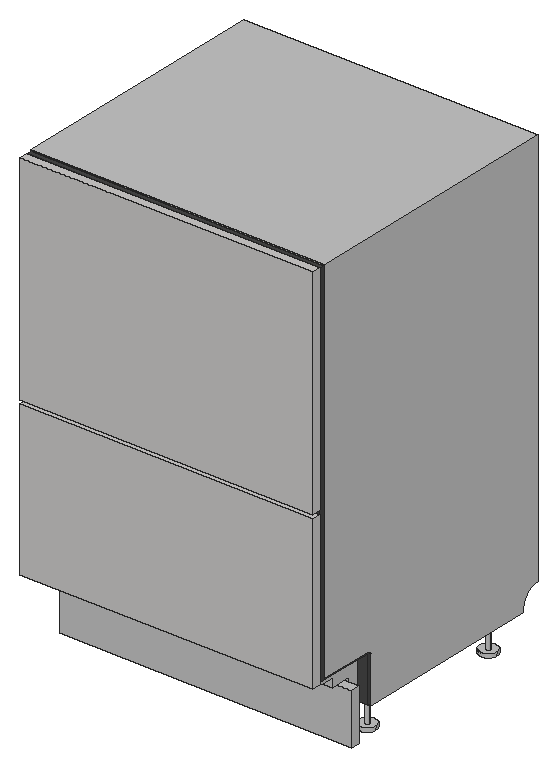
Revit family "FP-Revit18-en-DD24DTX6I1-DD24DTX6HI1-DishDrawer-0-90001208B-US-CA", category Specialty Equipment, Revit 2020
Family settings
  Round Connector Dimension = Use Diameter
  Part Type = Normal
  OmniClass Number = 23.40.40.14.31
  OmniClass Title = Cleaning and Disposal Equipment
  Work Plane-Based = No
  Always vertical = Yes
  Cut with Voids When Loaded = Yes
  Shared = No
  Room Calculation Point = No
Parameters (values of type "DD24DTX6I1-DD24DTX6HI1")
  Visibility - Toe Kick = yes
  Visibility - Door Panel = yes
  Visibility - Clearance Required = yes
  URL = "www.fisherpaykel.com"
  Toe Kick - Recess (40mm - 100mm) = 100 mm
  Product - Width = 599 mm  # constant formula
  Product - Height (864mm - 924mm) = 924 mm
  Product - Depth = 571 mm  # constant formula
  Panel - Depth [instance] = 18 mm
  Model = "DD60DTX6HI1"
  Material - Trim = Fisher & Paykel - Black
  Material - Toe Kick = Fisher & Paykel - Stainless Steel
  Material - Front = Fisher & Paykel - Stainless Steel
  Material - Body = Fisher & Paykel - Grey
  Manufacturer = "Fisher & Paykel Appliances"
  Lower panel extension (311 - 361mm) = 311 mm
  Description = "60cm DishDrawer, Integrated"
  Default Elevation = 0 mm
  Connector Description - Water = "3/4” BSP (GB20) to suit flat washer"
  Connector Description - Sanitary = "Drain Hose to spigot or standpipe"
  Connector Description - Electrical = "120V, 60 Hz, min 8.7 A, fused electrical supply"
  Chassis - Height (855mm Tall or 811mm Std) = 855 mm  # constant formula
  Chassis - Depth = 553 mm  # constant formula
  Cavity - Width = 600 mm  # constant formula
  Cavity - Depth (excluding front panel) = 560 mm  # constant formula
Types (2, lengths in mm): name | Visibility - Toe Kick | Visibility - Door Panel | Product - Height (864mm - 924mm) | Model | Lower panel extension (311 - 361mm) | Connector Description - Sanitary | Connector Description - Electrical
  DD24DTX6I1-DD24DTX6HI1 | yes | yes | 924 | "DD60DTX6HI1" | 311 | "Drain Hose to spigot or standpipe" | "120V, 60 Hz, min 8.7 A, fused electrical supply"
  DD60DTX6I1 | no | no | 900 | "DD60DTX6I1" | 310.5 | "Drain Hose, No Fitting Required" | "220-240 V, 50 Hz, min 8.5 A, fused electrical supply"
Reference planes
  plane 1 "Datum": y = 0
  plane 2: z = 0
  plane 3 "Center (Left/Right)": x = 0
  plane 4: z = 0
  plane 5 "Product LHS": x = -299.5
  plane 6 "Product RHS": x = 299.5
  plane 7 "Product - Depth": y = 553
  plane 8 "Cavity LHS": x = -300
  plane 9 "Cavity RHS": x = 300
  plane 10 "Cavity - Depth": y = 560
  plane 11 "Leg Height": z = 69
  plane 12 "Product - Height": z = 924
  plane 13 "Cavity - Height": z = 926
  plane 14 "Door Panel - Depth": y = -18
Forms (mm)
  Extrusion 1, solid, material "Fisher & Paykel - Grey" <- "Material - Body"
    sketch origin (0, 0, 0) x (0, 1, 0) y (0, 0, 1)
      loop
        line (12, 924) -> (12, 170.5) -> (118.15, 170.5)
        arc (118.15, 170.5) -> (125.221, 167.571) -> (128.15, 160.5) r 10
        line (128.15, 160.5) -> (128.15, 69) -> (510.35, 69) -> (510.35, 113.298) -> (553, 113.298) -> (553, 924) -> (12, 924)
    from -299.5 to 299.5
  Extrusion 2, solid, material "Fisher & Paykel - Grey" <- "Material - Body", detail levels fine
    sketch origin (0, 0, 0) x (1, 0, 0) y (0, 0, 1)
      loop
        line (-274, 870.4) -> (-274, 657.176)
        arc (-274, 657.176) -> (-272.536, 653.64) -> (-269, 652.176) r 5
        line (-269, 652.176) -> (-250, 652.176) -> (-250, 482) -> (250, 482) -> (250, 652.907) -> (269, 652.907)
        arc (269, 652.907) -> (272.536, 654.371) -> (274, 657.907) r 5
        line (274, 657.907) -> (274, 870.4)
        arc (274, 870.4) -> (271.071, 877.471) -> (264, 880.4) r 10
        line (264, 880.4) -> (-264, 880.4)
        arc (-264, 880.4) -> (-271.071, 877.471) -> (-274, 870.4) r 10
      loop
        line (-274, 470.676) -> (-274, 451.976)
        arc (-274, 451.976) -> (-272.536, 448.44) -> (-269, 446.976) r 5
        line (-269, 446.976) -> (-235, 446.976) -> (-235, 440.976) -> (-269, 440.976)
        arc (-269, 440.976) -> (-272.536, 439.512) -> (-274, 435.976) r 5
        line (-274, 435.976) -> (-274, 213.476) -> (-250, 213.476) -> (-250, 163.476) -> (250, 163.476) -> (250, 213.476) -> (274, 213.476) -> (274, 435.976)
        arc (274, 435.976) -> (272.536, 439.512) -> (269, 440.976) r 5
        line (269, 440.976) -> (235, 440.976) -> (235, 446.976) -> (269, 446.976)
        arc (269, 446.976) -> (272.536, 448.44) -> (274, 451.976) r 5
        line (274, 451.976) -> (274, 470.676) -> (-274, 470.676)
      loop
        circle (241, 428.875) r 2.5
      loop
        circle (196.5, 357.976) r 8
      loop
        circle (213, 324.976) r 8
      loop
        circle (180, 324.976) r 8
      loop
        circle (262.5, 299.976) r 2.017
      loop
        circle (263.5, 240.576) r 2.612
      loop
        circle (263.5, 362.976) r 2.718
      loop
        circle (262.5, 395.476) r 2
      loop
        circle (-241, 428.875) r 2.5
      loop
        circle (-262.5, 299.976) r 2.017
      loop
        circle (-263.5, 245.576) r 2.612
      loop
        circle (-263.5, 367.976) r 2.718
      loop
        circle (-262.5, 395.476) r 2
      loop
        circle (262.5, 839.676) r 1.941
      loop
        circle (263.5, 812.176) r 2.488
      loop
        circle (262.5, 744.907) r 2
      loop
        circle (263.5, 690.507) r 2.685
      loop
        circle (-262.5, 839.676) r 1.941
      loop
        circle (-263.5, 812.176) r 2.488
      loop
        circle (-262.5, 744.176) r 2
      loop
        line (103, 446.976) -> (103, 440.976) -> (225, 440.976) -> (225, 446.976) -> (103, 446.976)
      loop
        line (-77, 446.976) -> (-77, 435.976) -> (-21, 435.976) -> (-21, 440.976) -> (21, 440.976) -> (21, 435.976) -> (77, 435.976) -> (77, 446.976) -> (-77, 446.976)
      loop
        line (-103, 446.976) -> (-225, 446.976) -> (-225, 440.976) -> (-103, 440.976) -> (-103, 446.976)
      loop
        circle (196.5, 794.907) r 8
      loop
        circle (213, 761.907) r 8
      loop
        circle (180, 761.907) r 8
    from 0 to 0.8
  Extrusion 3, solid, material "Fisher & Paykel - Black" <- "Material - Trim"
    sketch origin (0, 0, 0) x (1, 0, 0) y (0, 0, 1)
      loop
        line (-297.5, 922.541) -> (-297.5, 166.404) -> (-283.999, 166.404) -> (-283.999, 914) -> (284, 914) -> (284, 166.404) -> (297.5, 166.404) -> (297.5, 922.541) -> (-297.5, 922.541)
    from -12 to 0
  Extrusion 4, solid, material "Fisher & Paykel - Grey" <- "Material - Body"
    sketch origin (0, -1.875, 0) x (1, 0, 0) y (0, 1, 0)
      loop
        circle (-260.6, 478.3) r 4
      loop
        circle (-260.6, 170.1) r 4
      loop
        circle (260.6, 478.3) r 4
      loop
        circle (260.6, 170.1) r 4
    from 7 to 69
  Extrusion 5, solid, material "Fisher & Paykel - Grey" <- "Material - Body"
    sketch origin (0, -1.875, 0) x (1, 0, 0) y (0, 1, 0)
      loop
        circle (-260.6, 170.1) r 17.816
      loop
        circle (-260.6, 478.3) r 17.816
      loop
        circle (260.6, 170.1) r 17.816
      loop
        circle (260.6, 478.3) r 17.816
    from 0 to 7
  Sweep 6, solid, material "Fisher & Paykel - Grey" <- "Material - Body", detail levels medium+fine
    path origin (0, 537.938, 0) x (1, 0, 0) y (0, 0, 1)
      loop
        line (-134.5, 113.298) -> (-134.5, 89)
        arc (-134.5, 89) -> (-140.358, 74.858) -> (-154.5, 69) r 20
        line (-154.5, 69) -> (-349.5, 69)
    profile origin (-134.5, 537.938, 101.149) x (0, -1, 0) y (1, 0, 0)
      loop
        circle (0, 0) r 9
  Sweep 7, solid, material "Fisher & Paykel - Grey" <- "Material - Body", detail levels medium+fine
    path origin (0, 537.938, 0) x (1, 0, 0) y (0, 0, 1)
      loop
        line (-189.5, 113.298) -> (-189.5, 105)
        arc (-189.5, 105) -> (-195.358, 90.858) -> (-209.5, 85) r 20
        line (-209.5, 85) -> (-349.5, 85)
    profile origin (-189.5, 537.938, 109.149) x (0, -1, 0) y (1, 0, 0)
      loop
        circle (0, 0) r 9
  Sweep 8, solid, material "Fisher & Paykel - Grey" <- "Material - Body", detail levels medium+fine
    path origin (0, 0, 0) x (1, 0, 0) y (0, 0, 1)
      loop
        line (-349.186, 77.851) -> (-218.186, 77.851)
        arc (-218.186, 77.851) -> (-204.044, 83.709) -> (-198.186, 97.851) r 20
        line (-198.186, 97.851) -> (-198.186, 113.298)
    profile origin (-198.186, 0, 105.575) x (-1, 0, 0) y (0, -1, 0)
      loop
        circle (0, -524.105) r 5
  Extrusion 9, solid, material "Fisher & Paykel - Clearance Required", visible <- "Visibility - Clearance Required", detail levels coarse
    sketch origin (0, 0, 0) x (0, 1, 0) y (0, 0, 1)
      loop
        line (-545, 12) -> (-18, 12) -> (-18, 473.976) -> (-545, 473.976) -> (-545, 404.976) -> (-586, 404.976) -> (-586, 388.973) -> (-545, 388.973) -> (-545, 12)
      loop
        line (-18, 482) -> (-18, 924) -> (-545, 924) -> (-545, 855) -> (-586, 855) -> (-586, 838.997) -> (-545, 838.997) -> (-545, 482) -> (-18, 482)
    from -300 to 300
  Extrusion 10, solid, material "Fisher & Paykel - Clearance Required", visible <- "Visibility - Clearance Required", detail levels coarse
    sketch origin (0, 0, 0) x (1, 0, 0) y (0, 1, 0)
      loop
        line (300, 560) -> (-300, 560) -> (-300, -18) -> (300, -18) -> (300, 560)
    from 0 to 926
  Extrusion 11, void
    sketch origin (0, 0, 0) x (1, 0, 0) y (0, 1, 0)
      loop
        line (-300, -18) -> (300, -18) -> (300, 560) -> (-300, 560) -> (-300, -18)
    from 0 to 926
  Extrusion 12, solid, material "Fisher & Paykel - Grey" <- "Material - Body"
    sketch origin (0, 0, 0) x (1, 0, 0) y (0, 0, 1)
      loop
        line (-283.999, 914) -> (-283.999, 166.404) -> (284, 166.404) -> (284, 914) -> (-283.999, 914)
    from -12 to 0
  Extrusion 13, solid, material "Fisher & Paykel - Grey" <- "Material - Body"
    sketch origin (0, 0, 0) x (0, 1, 0) y (0, 0, 1)
      loop
        line (124.15, 74.492) -> (124.15, 166.404) -> (0, 166.404) -> (0, 153.265)
        arc (0, 153.265) -> (17.333, 145.771) -> (35.586, 140.932) r 126.919
        line (35.586, 140.932) -> (61.053, 140.932) -> (61.053, 123.582) -> (103.548, 123.582) -> (103.548, 112.084) -> (122.346, 101.363) -> (122.346, 74.492) -> (124.15, 74.492)
    from -275 to 275
  Extrusion 14, solid, material "Fisher & Paykel - Grey" <- "Material - Body", detail levels fine
    sketch origin (0, 0, 0) x (0, 1, 0) y (0, 0, 1)
      loop
        arc (545.956, 103.845) -> (549.529, 105.356) -> (550.933, 108.972) r 4.979
        line (550.933, 108.972) -> (550.933, 113.298) -> (510.35, 113.298) -> (510.35, 85.689) -> (530.184, 103.845) -> (545.956, 103.845)
    from -229.8 to -91.607
  Sweep 15, solid, material "Fisher & Paykel - Grey" <- "Material - Body", detail levels medium+fine
    path origin (0, 0, 0) x (1, 0, 0) y (0, 1, 0)
      loop
        line (-47.875, 510.35) -> (-47.875, 529.222)
        arc (-47.875, 529.222) -> (-52.269, 539.828) -> (-62.875, 544.222) r 15
        line (-62.875, 544.222) -> (-349.5, 544.222)
    profile origin (-47.875, 519.786, 0) x (-1, 0, 0) y (0, 0, 1)
      loop
        circle (0, 93.3) r 5
  Extrusion 16, solid, material "Fisher & Paykel - Black" <- "Material - Trim", detail levels fine
    sketch origin (0, 0, 0) x (0, 1, 0) y (0, 0, 1)
      loop
        line (128.15, 72.091) -> (128.15, 160.5)
        arc (128.15, 160.5) -> (125.221, 167.571) -> (118.15, 170.5) r 10
        line (118.15, 170.5) -> (12, 170.5) -> (12, 166.404) -> (124.15, 166.404) -> (124.15, 72.091) -> (128.15, 72.091)
    from -297.5 to 297.5
  Extrusion 17, solid, material "Fisher & Paykel - Grey" <- "Material - Body"
    sketch origin (0, 0, 0) x (0, 1, 0) y (0, 0, 1)
      loop
        line (510.35, 113.298) -> (510.35, 69) -> (514.35, 69)
        arc (514.35, 69) -> (525.48, 97.009) -> (553, 109.298) r 40
        line (553, 109.298) -> (553, 113.298) -> (510.35, 113.298)
    from 288.5 to 299.5
  Extrusion 18, solid, material "Fisher & Paykel - Grey" <- "Material - Body"
    sketch origin (0, 0, 0) x (0, 1, 0) y (0, 0, -1)
      loop
        line (510.35, -113.298) -> (553, -113.298) -> (553, -109.298)
        arc (553, -109.298) -> (525.48, -97.009) -> (514.35, -69) r 40
        line (514.35, -69) -> (510.35, -69) -> (510.35, -113.298)
    from 288.5 to 299.5
  Extrusion 19, solid, material "Fisher & Paykel - Stainless Steel" <- "Material - Front", visible <- "Visibility - Door Panel"
    sketch origin (0, 0, 0) x (1, 0, 0) y (0, 0, 1)
      loop
        line (-298, 924) -> (-298, 482) -> (298, 482) -> (298, 924) -> (-298, 924)
      loop
        line (-298, 473.976) -> (-298, 162.976) -> (298, 162.976) -> (298, 473.976) -> (-298, 473.976)
    from 0.8 to 18
  Extrusion 20, solid, material "Fisher & Paykel - Grey", visible <- "Visibility - Toe Kick"
    sketch origin (0, 0, 0) x (0, 1, 0) y (0, 0, 1)
      loop
        line (100, 12) -> (100, 135) -> (82, 135) -> (82, 12) -> (100, 12)
    from -297.5 to 297.5
  Extrusion 21, void
    sketch origin (229.237, 0, 0) x (0, 1, 0) y (0, 0, 1)
      loop
        line (122.346, 101.363) -> (122.346, 166.404) -> (61.053, 166.404) -> (61.053, 116.404) -> (103.548, 116.404) -> (103.548, 112.084) -> (122.346, 101.363)
    from 0 to 600
  Extrusion 22, void
    sketch origin (229.237, 0, 0) x (0, 1, 0) y (0, 0, 1)
      loop
        line (122.346, 101.363) -> (122.346, 74.492) -> (124.15, 74.492) -> (124.15, 135) -> (61.053, 135) -> (61.053, 116.582) -> (103.548, 116.582) -> (103.548, 112.084) -> (122.346, 101.363)
    from -526.737 to 68.263
Cuts and joins
  joined: Extrusion 1, Extrusion 17, Extrusion 18
  Extrusion 21, Extrusion 22 cuts Extrusion 12
  joined: Extrusion 12, Extrusion 13
  Extrusion 21, Extrusion 22 cuts Extrusion 10
  Extrusion 21, Extrusion 22 cuts Extrusion 16
  Extrusion 22 cuts Extrusion 20
Text (mm)
  text "Due to ongoing product development, product details are subject to change without notice. \nPlease always refer to www.fisherpaykel.com for the most current product information. \n© Fisher & Paykel 2020" at (41.04, -690.05, 0), in view "Ref. Level (Plan)"
Dimensions and locks
  equal spacing: plane 5 "Product LHS", plane 3 "Center (Left/Right)", plane 6 "Product RHS"
  "Product - Width": plane 5 "Product LHS" to plane 6 "Product RHS"
  "Chassis - Depth": plane 1 "Datum" to plane 7 "Product - Depth"
  equal spacing: plane 8 "Cavity LHS", plane 3 "Center (Left/Right)", plane 9 "Cavity RHS"
  "Cavity - Width": plane 8 "Cavity LHS" to plane 9 "Cavity RHS"
  Extrusion 1 sketch curve to Extrusion 1 sketch curve = 855 mm
  Extrusion 2 sketch curve to plane 11 "Leg Height" = 401.676 mm
  "Chassis - Height (855mm Tall or 811mm Std)": plane 12 "Product - Height" to plane 11 "Leg Height"
  Extrusion 2 sketch curve to plane 11 "Leg Height" = 583.176 mm
  locked: plane 12 "Product - Height" to Extrusion 2 sketch curve at 43.6
  "Product - Height (864mm - 924mm)": plane 12 "Product - Height" to level
  plane 12 "Product - Height" to Extrusion 2 = 43.6 mm
  Extrusion 2 to plane 11 "Leg Height" = 401.676 mm
  Extrusion 2 to plane 11 "Leg Height" = 413 mm
  locked: plane 13 "Cavity - Height" to plane 12 "Product - Height" at 2
  "Panel - Depth": plane 14 "Door Panel - Depth" to plane 1 "Datum"
  plane 14 "Door Panel - Depth" to plane 7 "Product - Depth" = 571 mm
  locked: plane 11 "Leg Height" to Sweep 15 sketch curve at 24.3
  equal spacing: Extrusion 19 sketch curve, plane 3 "Center (Left/Right)", Extrusion 19 sketch curve
  locked: Extrusion 19 sketch curve to Extrusion 19 sketch curve at 442
  "Lower panel extension (311 - 361mm)": Extrusion 19 sketch curve to Extrusion 19 sketch curve
  locked: Extrusion 19 sketch curve to Extrusion 19 sketch curve at 8.024
  locked: Extrusion 19 sketch curve to Extrusion 19 sketch curve at 596
  plane 12 "Product - Height" to Extrusion 19 sketch curve = 0 mm
  locked: plane 11 "Leg Height" to cut or joined group of Extrusion 12, Extrusion 13, Extrusion 21, Extrusion 22 at 71.932
  "Panel - Depth": Extrusion 20 to Extrusion 20
  "Toe Kick - Recess (40mm - 100mm)": plane 14 "Door Panel - Depth" to Extrusion 20
  "Cavity - Depth (excluding front panel)": plane 1 "Datum" to plane 10 "Cavity - Depth"
  Extrusion 19 to Extrusion 9 sketch curve = 150.976 mm
  locked: level to Extrusion 20 sketch curve at 12
  locked: Extrusion 16 to Extrusion 20 sketch curve at 31.404
  locked: Extrusion 21 sketch curve to cut or joined group of Extrusion 12, Extrusion 13, Extrusion 21, Extrusion 22 at 7.178
  plane 6 "Product RHS" to Extrusion 22 = 2 mm
  locked: Extrusion 22 sketch curve to cut or joined group of Extrusion 12, Extrusion 13, Extrusion 21, Extrusion 22 at 7
  locked: Extrusion 9 sketch curve to level at 12
  aligned and locked: level to plane 2
  aligned and locked: Extrusion 1 sketch curve to plane 11 "Leg Height"
  aligned and locked: Extrusion 4 to Extrusion 5
  aligned and locked: plane 12 "Product - Height" to Extrusion 1
  aligned and locked: Extrusion 9 to plane 9 "Cavity RHS"
  aligned and locked: plane 8 "Cavity LHS" to Extrusion 9
  aligned and locked: Extrusion 10 sketch curve to plane 8 "Cavity LHS"
  aligned and locked: Extrusion 10 sketch curve to plane 9 "Cavity RHS"
  aligned and locked: plane 10 "Cavity - Depth" to Extrusion 10 sketch curve
  aligned and locked: Extrusion 4 to Extrusion 1
  aligned and locked: plane 13 "Cavity - Height" to Extrusion 11
  aligned and locked: Extrusion 17 sketch curve to Extrusion 1
  aligned and locked: cut or joined group of Extrusion 1, Extrusion 17, Extrusion 18 to Sweep 6 sketch curve
  aligned and locked: cut or joined group of Extrusion 1, Extrusion 17, Extrusion 18 to Sweep 7 sketch curve
  aligned and locked: Sweep 7 to Sweep 8 sketch curve
  aligned and locked: Extrusion 19 sketch curve to Extrusion 19 sketch curve  (x2)
  aligned and locked: Extrusion 19 to Extrusion 9
  aligned and locked: Extrusion 11 to Extrusion 19
  aligned and locked: Extrusion 9 to Extrusion 2
  aligned and locked: Extrusion 10 to Extrusion 9
  aligned and locked: Extrusion 11 to Extrusion 9
  aligned and locked: plane 14 "Door Panel - Depth" to Extrusion 19
  aligned and locked: plane 12 "Product - Height" to Extrusion 9
  aligned and locked: Extrusion 10 to Extrusion 11
  aligned and locked: Extrusion 21 sketch curve to cut or joined group of Extrusion 12, Extrusion 13, Extrusion 21, Extrusion 22  (x3)
  aligned and locked: Extrusion 16 to Extrusion 21 sketch curve
  aligned and locked: Extrusion 22 sketch curve to cut or joined group of Extrusion 12, Extrusion 13, Extrusion 21, Extrusion 22  (x5)
  aligned and locked: Extrusion 3 to Extrusion 22
  aligned and locked: Extrusion 22 to Extrusion 3
Automatic sketch dimensions
  Extrusion 1 sketch curve to plane 7 "Product - Depth" = 0 mm
  Extrusion 1 sketch curve to plane 7 "Product - Depth" = 42.65 mm
  Extrusion 1 sketch curve to plane 1 "Datum" = 128.15 mm
  Extrusion 1 sketch curve to Extrusion 1 sketch curve = 10 mm
  Extrusion 1 sketch curve to plane 1 "Datum" = 12 mm
  Extrusion 1 sketch curve to plane 11 "Leg Height" = 44.298 mm
  Extrusion 1 sketch curve to plane 11 "Leg Height" = 91.5 mm
  Extrusion 2 sketch curve to plane 5 "Product LHS" = 25.5 mm  (x3)
  Extrusion 2 sketch curve to Extrusion 2 sketch curve = 5 mm  (x7)
  Extrusion 2 sketch curve to Extrusion 2 sketch curve = 10 mm  (x3)
  Extrusion 2 sketch curve to plane 5 "Product LHS" = 36 mm  (x2)
  Extrusion 2 sketch curve to Extrusion 2 sketch curve = 10.5 mm
  Extrusion 2 sketch curve to Extrusion 2 sketch curve = 1 mm  (x4)
  Extrusion 2 sketch curve to plane 5 "Product LHS" = 37 mm  (x2)
  Extrusion 2 sketch curve to Extrusion 2 sketch curve = 24 mm  (x2)
  Extrusion 2 sketch curve to plane 5 "Product LHS" = 49.5 mm
  Extrusion 2 sketch curve to Extrusion 2 sketch curve = 28 mm
  Extrusion 2 sketch curve to Extrusion 2 sketch curve = 6 mm  (x7)
  Extrusion 2 sketch curve to plane 3 "Center (Left/Right)" = 103 mm
  Extrusion 2 sketch curve to Extrusion 2 sketch curve = 26 mm  (x2)
  Extrusion 2 sketch curve to plane 3 "Center (Left/Right)" = 21 mm
  plane 3 "Center (Left/Right)" to Extrusion 2 sketch curve = 21 mm
  Extrusion 2 sketch curve to Extrusion 2 sketch curve = 56 mm
  plane 6 "Product RHS" to Extrusion 2 sketch curve = 119.5 mm  (x2)
  Extrusion 2 sketch curve to Extrusion 2 sketch curve = 16.5 mm  (x2)
  Extrusion 2 sketch curve to Extrusion 2 sketch curve = 33 mm  (x4)
  plane 6 "Product RHS" to Extrusion 2 sketch curve = 74.5 mm
  plane 6 "Product RHS" to Extrusion 2 sketch curve = 49.5 mm  (x2)
  plane 6 "Product RHS" to Extrusion 2 sketch curve = 37 mm  (x4)
  Extrusion 2 sketch curve to Extrusion 2 sketch curve = 13.5 mm
  plane 6 "Product RHS" to Extrusion 2 sketch curve = 36 mm
  Extrusion 2 sketch curve to Extrusion 2 sketch curve = 1.5 mm
  plane 6 "Product RHS" to Extrusion 2 sketch curve = 30.5 mm
  Extrusion 2 sketch curve to Extrusion 2 sketch curve = 19 mm
  Extrusion 2 sketch curve to Extrusion 2 sketch curve = 0 mm  (x6)
  Extrusion 2 sketch curve to Extrusion 2 sketch curve = 18.7 mm  (x2)
  Extrusion 2 sketch curve to Extrusion 2 sketch curve = 11 mm
  Extrusion 2 sketch curve to Extrusion 2 sketch curve = 12.101 mm  (x2)
  Extrusion 2 sketch curve to Extrusion 2 sketch curve = 33.399 mm  (x2)
  Extrusion 2 sketch curve to Extrusion 2 sketch curve = 27.5 mm  (x3)
  Extrusion 2 sketch curve to Extrusion 2 sketch curve = 32.5 mm
  Extrusion 2 sketch curve to Extrusion 2 sketch curve = 68 mm
  Extrusion 2 sketch curve to Extrusion 2 sketch curve = 25 mm
  Extrusion 2 sketch curve to Extrusion 2 sketch curve = 54.4 mm  (x2)
  Extrusion 2 sketch curve to Extrusion 2 sketch curve = 59.4 mm
  Extrusion 2 sketch curve to Extrusion 2 sketch curve = 27.1 mm
  Extrusion 2 sketch curve to Extrusion 2 sketch curve = 32.1 mm
  Extrusion 2 sketch curve to Extrusion 2 sketch curve = 50 mm
  Extrusion 2 sketch curve to Extrusion 2 sketch curve = 11.324 mm
  Extrusion 2 sketch curve to Extrusion 2 sketch curve = 170.907 mm
  Extrusion 2 sketch curve to Extrusion 2 sketch curve = 32.6 mm
  Extrusion 2 sketch curve to Extrusion 2 sketch curve = 87 mm
  Extrusion 2 sketch curve to Extrusion 2 sketch curve = 17 mm
  Extrusion 2 sketch curve to Extrusion 2 sketch curve = 58.224 mm  (x2)
  Extrusion 3 sketch curve to plane 5 "Product LHS" = 2 mm
  Extrusion 3 sketch curve to plane 5 "Product LHS" = 15.501 mm
  plane 6 "Product RHS" to Extrusion 3 sketch curve = 15.5 mm
  plane 6 "Product RHS" to Extrusion 3 sketch curve = 2 mm
  Extrusion 3 sketch curve to plane 11 "Leg Height" = 97.404 mm  (x2)
  Extrusion 3 sketch curve to plane 12 "Product - Height" = 10 mm
  Extrusion 3 sketch curve to plane 12 "Product - Height" = 1.459 mm
  Extrusion 4 sketch curve to plane 5 "Product LHS" = 38.9 mm  (x2)
  plane 6 "Product RHS" to Extrusion 4 sketch curve = 38.9 mm  (x2)
  Extrusion 4 sketch curve to plane 1 "Datum" = 168.225 mm  (x2)
  Extrusion 4 sketch curve to plane 7 "Product - Depth" = 76.575 mm  (x2)
  Extrusion 5 sketch curve to plane 5 "Product LHS" = 38.9 mm  (x2)
  plane 6 "Product RHS" to Extrusion 5 sketch curve = 38.9 mm  (x2)
  Extrusion 5 sketch curve to plane 1 "Datum" = 168.225 mm  (x2)
  Extrusion 5 sketch curve to plane 7 "Product - Depth" = 76.575 mm  (x2)
  Sweep 6 sketch curve to profile plane = 0 mm
  profile plane to Sweep 6 sketch curve = 0 mm
  Sweep 7 sketch curve to profile plane = 0 mm
  profile plane to Sweep 7 sketch curve = 0 mm
  Sweep 8 sketch curve to profile plane = 0 mm
  Sweep 8 sketch curve to plane 1 "Datum" = 524.105 mm
  Extrusion 11 sketch curve to plane 8 "Cavity LHS" = 0 mm
  Extrusion 11 sketch curve to plane 9 "Cavity RHS" = 0 mm
  Extrusion 11 sketch curve to plane 14 "Door Panel - Depth" = 0 mm
  Extrusion 11 sketch curve to plane 10 "Cavity - Depth" = 0 mm
  Extrusion 12 sketch curve to plane 5 "Product LHS" = 15.501 mm
  plane 6 "Product RHS" to Extrusion 12 sketch curve = 15.5 mm
  Extrusion 12 sketch curve to plane 11 "Leg Height" = 97.404 mm
  Extrusion 12 sketch curve to plane 12 "Product - Height" = 10 mm
  Extrusion 13 sketch curve to plane 1 "Datum" = 0 mm
  Extrusion 13 sketch curve to plane 1 "Datum" = 35.586 mm
  Extrusion 13 sketch curve to plane 1 "Datum" = 58.892 mm
  Extrusion 13 sketch curve to Extrusion 13 sketch curve = 25.467 mm
  Extrusion 13 sketch curve to Extrusion 13 sketch curve = 42.495 mm
  Extrusion 13 sketch curve to plane 11 "Leg Height" = 32.363 mm
  Extrusion 13 sketch curve to Extrusion 13 sketch curve = 18.798 mm
  Extrusion 13 sketch curve to Extrusion 13 sketch curve = 20.602 mm
  Extrusion 13 sketch curve to plane 11 "Leg Height" = 5.492 mm
  Extrusion 13 sketch curve to Extrusion 13 sketch curve = 10.721 mm
  Extrusion 13 sketch curve to Extrusion 13 sketch curve = 11.498 mm
  Extrusion 13 sketch curve to Extrusion 13 sketch curve = 17.35 mm
  Extrusion 13 sketch curve to Extrusion 13 sketch curve = 12.332 mm
  Extrusion 13 sketch curve to Extrusion 13 sketch curve = 13.139 mm
  Extrusion 14 sketch curve to plane 7 "Product - Depth" = 42.65 mm
  Extrusion 14 sketch curve to Extrusion 14 sketch curve = 19.834 mm
  Extrusion 14 sketch curve to plane 7 "Product - Depth" = 7.044 mm
  Extrusion 14 sketch curve to plane 7 "Product - Depth" = 2.067 mm
  Extrusion 14 sketch curve to plane 11 "Leg Height" = 16.689 mm
  Extrusion 14 sketch curve to Extrusion 14 sketch curve = 18.156 mm
  Extrusion 14 sketch curve to Extrusion 14 sketch curve = 4.979 mm
  Extrusion 14 sketch curve to Extrusion 14 sketch curve = 4.326 mm
  Sweep 15 sketch curve to plane 7 "Product - Depth" = 8.778 mm
  Sweep 15 sketch curve to plane 3 "Center (Left/Right)" = 62.875 mm
  Sweep 15 sketch curve to Sweep 15 sketch curve = 15 mm
  plane 8 "Cavity LHS" to Sweep 15 sketch curve = 49.5 mm
  Sweep 15 sketch curve to Sweep 15 sketch curve = 18.872 mm
  Sweep 15 sketch curve to profile plane = 0 mm
  Extrusion 16 sketch curve to plane 1 "Datum" = 12 mm
  Extrusion 16 sketch curve to Extrusion 16 sketch curve = 106.15 mm
  Extrusion 16 sketch curve to plane 11 "Leg Height" = 3.091 mm
  Extrusion 16 sketch curve to Extrusion 16 sketch curve = 6 mm
  Extrusion 16 sketch curve to Extrusion 16 sketch curve = 4 mm
  Extrusion 16 sketch curve to Extrusion 16 sketch curve = 88.409 mm
  Extrusion 16 sketch curve to Extrusion 16 sketch curve = 4.096 mm
  plane 11 "Leg Height" to Extrusion 17 sketch curve = 0 mm
  Extrusion 17 sketch curve to plane 7 "Product - Depth" = 0 mm
  Extrusion 17 sketch curve to Extrusion 17 sketch curve = 4 mm  (x2)
  Extrusion 17 sketch curve to plane 11 "Leg Height" = 0.321 mm
  plane 7 "Product - Depth" to Extrusion 17 sketch curve = 1.349 mm
  plane 11 "Leg Height" to Extrusion 18 sketch curve = 0 mm
  Extrusion 18 sketch curve to plane 7 "Product - Depth" = 0 mm
  Extrusion 18 sketch curve to plane 7 "Product - Depth" = 38.65 mm
  Extrusion 18 sketch curve to Extrusion 18 sketch curve = 42.65 mm
  Extrusion 18 sketch curve to plane 11 "Leg Height" = 0.321 mm
  plane 7 "Product - Depth" to Extrusion 18 sketch curve = 1.349 mm
  Extrusion 18 sketch curve to Extrusion 18 sketch curve = 4 mm
  Sweep 8 sketch curve to plane 11 "Leg Height" = 8.851 mm
  Sweep 8 sketch curve to plane 5 "Product LHS" = 81.314 mm
  plane 8 "Cavity LHS" to Sweep 8 sketch curve = 49.186 mm
  Sweep 8 sketch curve to Sweep 8 sketch curve = 15.447 mm
  Extrusion 10 sketch curve to plane 14 "Door Panel - Depth" = 0 mm
  Extrusion 20 sketch curve to plane 1 "Datum" = 82 mm
  Extrusion 20 sketch curve to Extrusion 20 sketch curve = 18 mm
  Sweep 7 sketch curve to plane 11 "Leg Height" = 16 mm
  Sweep 7 sketch curve to plane 5 "Product LHS" = 90 mm
  Sweep 7 sketch curve to Sweep 7 sketch curve = 20 mm
  plane 8 "Cavity LHS" to Sweep 7 sketch curve = 49.5 mm
  Sweep 6 sketch curve to plane 11 "Leg Height" = 0 mm
  Sweep 6 sketch curve to plane 5 "Product LHS" = 145 mm
  Sweep 6 sketch curve to Sweep 6 sketch curve = 20 mm
  plane 8 "Cavity LHS" to Sweep 6 sketch curve = 49.5 mm
  Extrusion 21 sketch curve to plane 11 "Leg Height" = 32.363 mm
  Extrusion 22 sketch curve to plane 11 "Leg Height" = 32.363 mm
  Extrusion 22 sketch curve to Extrusion 22 sketch curve = 18.418 mm
  Extrusion 9 sketch curve to plane 12 "Product - Height" = 0 mm
  Extrusion 9 sketch curve to plane 14 "Door Panel - Depth" = 0 mm  (x2)
  plane 14 "Door Panel - Depth" to Extrusion 9 sketch curve = 527 mm  (x2)
  Extrusion 9 sketch curve to Extrusion 9 sketch curve = 0 mm  (x2)
  Extrusion 9 sketch curve to Extrusion 9 sketch curve = 41 mm  (x2)
  Extrusion 9 sketch curve to plane 11 "Leg Height" = 319.973 mm
  Extrusion 9 sketch curve to Extrusion 9 sketch curve = 16.003 mm  (x2)
  Extrusion 9 sketch curve to plane 11 "Leg Height" = 404.976 mm
  Extrusion 9 sketch curve to Extrusion 9 sketch curve = 8.024 mm
  Extrusion 9 sketch curve to Extrusion 9 sketch curve = 85.003 mm
  radius of Extrusion 2 sketch curve = 2.5 mm  (x2)
  radius of Extrusion 2 sketch curve = 8 mm  (x6)
  radius of Extrusion 2 sketch curve = 2.017 mm  (x2)
  radius of Extrusion 2 sketch curve = 2.612 mm  (x2)
  radius of Extrusion 2 sketch curve = 2.718 mm  (x2)
  radius of Extrusion 2 sketch curve = 2 mm  (x4)
  radius of Extrusion 2 sketch curve = 1.941 mm  (x2)
  radius of Extrusion 2 sketch curve = 2.488 mm  (x2)
  radius of Extrusion 2 sketch curve = 2.685 mm
  radius of Extrusion 4 sketch curve = 4 mm  (x4)
  radius of Extrusion 5 sketch curve = 17.816 mm  (x4)
  radius of Sweep 6 sketch curve = 9 mm
  radius of Sweep 7 sketch curve = 9 mm
  radius of Sweep 8 sketch curve = 5 mm
  radius of Sweep 15 sketch curve = 5 mm
Connectors
  piping at (-349.186, 524.105, 77.851), diameter 10, driven by "Connector Description - Water"
    settings: on Sweep 8, index 2, connector inside diameter 609.6 mm, connector length 0 mm, flow factor 0, pipe flow 0.0 L/s, pressure drop 0.0 Pa, fitting loss kfactor 0, connector angle 0.00°, fixture units 0, engagement length 0 mm, angle of deflection 0.00°, flow configuration 0, flow direction 1, fitting loss method 0, system type 20, joint type 0, gender type 0, connector reference index -1, connector utility 0, adjustable connector no, is connector primary yes, connector description "3/4” BSP (GB20) to suit flat washer"
  piping at (-349.5, 537.938, 85), diameter 15.9, driven by "Connector Description - Sanitary"
    settings: on Sweep 7, index 3, connector inside diameter 609.6 mm, connector length 0 mm, flow factor 0, pipe flow 0.0 L/s, pressure drop 0.0 Pa, fitting loss kfactor 0, connector angle 0.00°, fixture units 0, engagement length 0 mm, angle of deflection 0.00°, flow configuration 0, flow direction 2, fitting loss method 0, system type 16, joint type 0, gender type 0, connector reference index -1, connector utility 0, adjustable connector no, is connector primary no, connector description "Drain Hose to spigot or standpipe"
  piping at (-349.5, 537.938, 69), diameter 15.9, driven by "Connector Description - Sanitary"
    settings: on Sweep 6, index 4, connector inside diameter 609.6 mm, connector length 0 mm, flow factor 0, pipe flow 0.0 L/s, pressure drop 0.0 Pa, fitting loss kfactor 0, connector angle 0.00°, fixture units 0, engagement length 0 mm, angle of deflection 0.00°, flow configuration 0, flow direction 2, fitting loss method 0, system type 16, joint type 0, gender type 0, connector reference index -1, connector utility 0, adjustable connector no, is connector primary no, connector description "Drain Hose to spigot or standpipe"
  electrical at (-349.5, 544.222, 93.3), driven by "Connector Description - Electrical"
    settings: on Sweep 15, index 5, voltage 230 V, apparent load 0 VA, apparent load phase1 0 VA, apparent load phase2 0 VA, apparent load phase3 0 VA, power factor 1, load classification "Other", number of poles 1, system type 30, power factor state 1, is connector primary yes, connector utility no, sub classification motor no, connector description "120V, 60 Hz, min 8.7 A, fused electrical supply"
